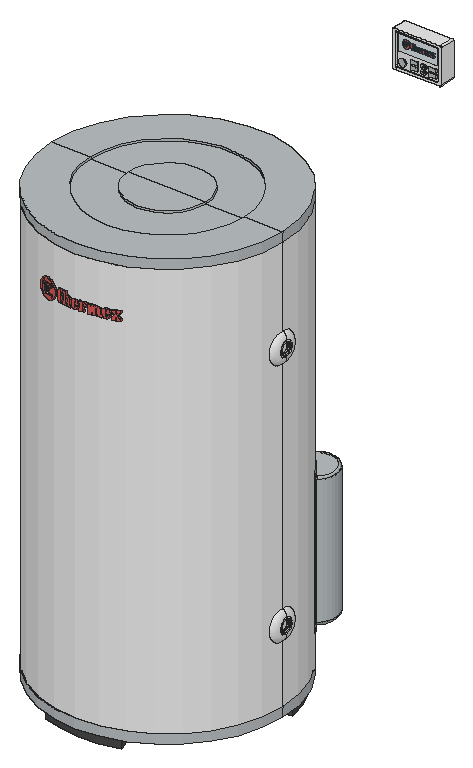
Revit family "THERMEX ROUND PLUS FLOOR IR", category Оборудование, Revit 2017
Family settings
  Размер круглого соединителя = Использовать диаметр
  Тип детали = Нормальный
  На основе рабочей плоскости = Нет
  Всегда вертикально = Да
  При загрузке вырезать с полостями = Нет
  Общий = Нет
  Точка расчета площади = Нет
Parameters (values of type "300")
  СмещПанелиУпрВбокОтОсиБойлера [instance] = 435.000 mm
  СмещПанелиУпрВглубьОтОсиБойлера [instance] = 350.000 mm
  РадТелаПлюсДва = РадТела + 2.000 mm  # 317.000 mm
  РадТелаМинус90то = РадТела - 90.000 mm  # 225.000 mm
  РадТелаМинусДесять = РадТела - 10.000 mm  # 305.000 mm
  РадТела = ДиамТела / 2  # 315.000 mm
  ПанельУпрСЛЕВА [instance] = not(ПанельУпрСПРАВА)  # no
  ПанельУпрСПРАВА [instance] = yes
  Отметка нижних патрубков = А + Ноги  # 252.000 mm
  Отметка верхних патрубков = Б + Ноги  # 932.000 mm
  СмещПанелиУпрОтПола [instance] = 1500.000 mm
  Описание = "Бак нагревателя выполнен из нержавеющей стали. Помимо патрубков подключения холодной и горячей воды, находящихся слева если смотреть спереди, справа бака есть еще два дюймовых патрубка служащих для подключения предохранительного клапана и для слива. Управления осуществляется с выносного настенного пульта с цветным дисплеем. Широкие возможности программирования различных режимов работы."  # constant formula
  Ноги = 25.000 mm
  Лого300 = ЛОГО_220мм_для_THERMEX_IR300 : ЛОГО_220мм_для_THERMEX_IR300
  Лого200 = ЛОГО_220мм_для_THERMEX_IR200 : ЛОГО_220мм_для_THERMEX_IR200
  Лого = if(ДиамТела = 630.000 mm, Лого300, Лого200)  # ЛОГО_220мм_для_THERMEX_IR300 : ЛОГО_220мм_для_THERMEX_IR300
  Комментарии к типоразмеру = "Модель разработана по заказу ТЕРМЕКС, автор Михаил Кузьмин НПО ИНКОМИС, правообладатель ТЕРМЕКС"  # constant formula
  Изготовитель = "ТЕРМЕКС"  # constant formula
  ДуТ3 = 25.000 mm
  ДуВ1 = 25.000 mm
  ДиамТела = 630.000 mm
  Высота без ног = 1190.000 mm
  Высота = Высота без ног + Ноги  # 1215.000 mm
  Б = 907.000 mm
  А = 227.000 mm
  ADSK_Примечание = ""
  ADSK_Позиция = "IR300"
  ADSK_Обозначение = "ГОСТ 28361-89 (МЭК 379-87)"  # constant formula
  ADSK_Наименование = "Водонагреватель аккумуляционный, электрический, V300л Thermex ROUND PLUS IR"
  ADSK_Масса_Текст = ""
  ADSK_Завод-изготовитель = "ТЕРМЕКС"  # constant formula
  ADSK_Единица измерения = "шт"  # constant formula
  ADSK_Версия семейства = "01.01"  # constant formula
  ADSK_Версия Revit = "2017"  # constant formula
Reference planes
  plane 1 "По центру (Вперед/Назад)": y = 0
  plane 2: z = 0
  plane 3 "По центру (Влево/Вправо)": x = 0
  plane 4: z = 25
  plane 5: z = 50
  plane 6: z = 252
  plane 7: z = 932
  plane 8: z = 1190
  plane 9: z = 1215
  plane 10: x = 315
  plane 11: x = -315
  plane 12: x = -295
  plane 13: x = -215
  plane 14: x = -316
  plane 15: x = -290
  plane 16: z = 1210
  plane 17: x = 325
  plane 18: x = 335
  plane 19: x = 305
  plane 20: x = -325
  plane 21: x = -335
  plane 22: x = -305
  plane 23: z = 950.5
  plane 24: z = 270.5
  plane 25 "0": through (0, 0, 1200) normal (0.7071, 0.7071, 0)
  plane 26: through (0, 0, 1200) normal (-0.7071, 0.7071, 0)
  plane 27: through (115.91, 198.995, 1200) normal (-0.7071, 0.7071, 0)
  plane 28: through (105.303, 209.601, 1200) normal (-0.7071, 0.7071, 0)
  plane 29: through (198.995, 115.91, 1200) normal (-0.7071, 0.7071, 0)
  plane 30: through (209.601, 105.303, 1200) normal (-0.7071, 0.7071, 0)
  plane 31: through (159.453, 286.024, 1200) normal (0.7071, 0.7071, 0)
  plane 32: through (193.557, 335.005, 1200) normal (0.7071, 0.7071, 0)
  plane 33: through (222.739, 222.739, 1200) normal (-0.7071, -0.7071, 0)
  plane 34: z = 530.25
  plane 35: z = 515.25
  plane 36: z = 153.636
  plane 37: z = 138.636
  plane 38: through (238.658, 332.349, 570.008) normal (-0.7071, 0.7071, 0)
  plane 39: z = 146.136
  plane 40: through (332.349, 238.658, 560.25) normal (-0.7071, 0.7071, 0)
  plane 41: z = 522.75
  plane 42: through (150.968, 277.539, 1200) normal (0.7071, 0.7071, 0)
  plane 43: through (0, 0, 1200) normal (-0.766, -0.6428, 0)
  plane 44: through (0, 0, 1200) normal (-0.1736, -0.9848, 0)
  plane 45: through (0, 0, 1200) normal (-0.766, 0.6428, 0)
  plane 46: through (0, 0, 1200) normal (-0.1736, 0.9848, 0)
  plane 47: through (0, 0, 1200) normal (0.9397, -0.342, 0)
  plane 48: through (0, 0, 1200) normal (0.9397, 0.342, 0)
Forms (mm)
  Extrusion 1, solid, material "Пластмасса, непрозрачная, белая"
    sketch origin (0, 0, 0) x (1, 0, 0) y (0, 1, 0)
      loop
        circle (0, 0) r 315
    from 50 to 1190
  Revolve 2, solid, material "Алюминий, анодированный серебристый"
    sketch origin (0, 0, 0) x (1, 0, 0) y (0, 0, 1)
      loop
        line (-315, 1190) -> (0, 1190) -> (0, 1215) -> (-105.333, 1215) -> (-105.333, 1210) -> (-210.667, 1210) -> (-210.667, 1215) -> (-316, 1215) -> (-316, 1190) -> (-315, 1190)
      axis (0, 1215) -> (0, 1190)
    angle from 0 to 360
  Revolve 3, solid, material "Алюминий, анодированный серебристый"
    sketch origin (0, 0, 0) x (1, 0, 0) y (0, 0, 1)
      loop
        line (0, 25) -> (0, 50) -> (-316, 50) -> (-316, 25) -> (0, 25)
      axis (0, 50) -> (0, 25)
    angle from 0 to 360
  Extrusion 4, solid, material "Цинк"
    sketch origin (0, 0, 0) x (0, 1, 0) y (0, 0, 1)
      loop
        circle (0, 932) r 18.5
      loop
        circle (0, 932) r 15.885
    from 315 to 325
  Revolve 5, solid, material "Пластмасса, непрозрачная, белая"
    sketch origin (0, 0, 0) x (1, 0, 0) y (0, 0, 1)
      loop
        line (305, 977) -> (305, 950.5) -> (325, 950.5) -> (325, 952)
        arc (325, 952) -> (319.385, 968.008) -> (305, 977) r 25.625
      axis (305, 932) -> (325, 932)
    angle from 0 to 360
  Extrusion 6, solid, material "Цинк"
    sketch origin (0, 0, -679) x (0, 1, 0) y (0, 0, 1)
      loop
        circle (0, 931) r 18.5
      loop
        circle (0, 931) r 15.885
    from 315 to 325
  Revolve 7, solid, material "Пластмасса, непрозрачная, белая"
    sketch origin (0, 0, -679) x (1, 0, 0) y (0, 0, 1)
      loop
        line (305, 976) -> (305, 949.5) -> (325, 949.5) -> (325, 951)
        arc (325, 951) -> (319.385, 967.008) -> (305, 976) r 25.625
      axis (305, 931) -> (325, 931)
    angle from 0 to 360
  Extrusion 8, solid, material "Цинк"
    sketch origin (0, 0, 0) x (0, 1, 0) y (0, 0, -1)
      loop
        circle (0, -932) r 18.5
      loop
        circle (0, -932) r 15.885
    from 315 to 325
  Revolve 9, solid, material "Алюминий, анодированный красный"
    sketch origin (0, 0, 0) x (-1, 0, 0) y (0, 0, 1)
      loop
        line (305, 977) -> (305, 950.5) -> (325, 950.5) -> (325, 952)
        arc (325, 952) -> (319.385, 968.008) -> (305, 977) r 25.625
      axis (305, 932) -> (325, 932)
    angle from 0 to 360
  Extrusion 10, solid, material "Цинк"
    sketch origin (0, 0, -679) x (0, 1, 0) y (0, 0, -1)
      loop
        circle (0, -931) r 18.5
      loop
        circle (0, -931) r 15.885
    from 315 to 325
  Revolve 11, solid, material "Алюминий, анодированный синий"
    sketch origin (0, 0, -679) x (-1, 0, 0) y (0, 0, 1)
      loop
        line (305, 976) -> (305, 949.5) -> (325, 949.5) -> (325, 951)
        arc (325, 951) -> (319.385, 967.008) -> (305, 976) r 25.625
      axis (305, 931) -> (325, 931)
    angle from 0 to 360
  Extrusion 12, solid, material "Алюминий, анодированный серебристый"
    sketch origin (0, 0, 0) x (1, 0, 0) y (0, 1, 0)
      loop
        arc (177.288, 260.373) -> (222.739, 222.739) -> (260.373, 177.288) r 315
        line (260.373, 177.288) -> (264.281, 181.196)
        arc (264.281, 181.196) -> (264.281, 264.281) -> (181.196, 264.281) r 58.75
        line (181.196, 264.281) -> (177.288, 260.373)
    from 153.636 to 515.25
  Extrusion 13, solid, material "Алюминий, анодированный серебристый"
    sketch origin (0, 0, 0) x (1, 0, 0) y (0, 1, 0)
      loop
        arc (164.399, 268.697) -> (222.739, 222.739) -> (268.697, 164.399) r 315
        line (268.697, 164.399) -> (270.151, 165.853)
        arc (270.151, 165.853) -> (224.153, 224.153) -> (165.853, 270.151) r 317
        line (165.853, 270.151) -> (164.399, 268.697)
    from 138.636 to 530.25
  Extrusion 14, void
    sketch origin (0, 0, 0) x (-0.707107, 0.707107, 0) y (0, 0, 1)
      loop
        line (-73.75, 530.25) -> (-73.75, 522.75)
        arc (-73.75, 522.75) -> (-71.553, 528.054) -> (-66.25, 530.25) r 7.5
        line (-66.25, 530.25) -> (-73.75, 530.25)
      loop
        arc (66.25, 530.25) -> (71.553, 528.054) -> (73.75, 522.75) r 7.5
        line (73.75, 522.75) -> (73.75, 530.25) -> (66.25, 530.25)
      loop
        arc (73.75, 146.136) -> (71.553, 140.833) -> (66.25, 138.636) r 7.5
        line (66.25, 138.636) -> (73.75, 138.636) -> (73.75, 146.136)
      loop
        arc (-66.25, 138.636) -> (-71.553, 140.833) -> (-73.75, 146.136) r 7.5
        line (-73.75, 146.136) -> (-73.75, 138.636) -> (-66.25, 138.636)
    from 303 to 315
  Sweep 15, void
    path in 3D
      loop
        line (260.373, 177.288, 515.25) -> (264.281, 181.196, 515.25)
        arc (264.281, 181.196, 515.25) -> (264.281, 264.281, 515.25) -> (181.196, 264.281, 515.25) r 58.75
        line (181.196, 264.281, 515.25) -> (177.288, 260.373, 515.25)
    profile origin (262.327, 179.242, 515.25) x (-0.707107, 0.707107, 0) y (0, 0, 1)
      loop
        line (0, 0) -> (0, -5)
        arc (0, -5) -> (1.464, -1.464) -> (5, 0) r 5
        line (5, 0) -> (0, 0)
  Sweep 16, void
    path in 3D
      loop
        line (177.288, 260.373, 153.636) -> (181.196, 264.281, 153.636)
        arc (181.196, 264.281, 153.636) -> (264.281, 264.281, 153.636) -> (264.281, 181.196, 153.636) r 58.75
        line (264.281, 181.196, 153.636) -> (260.373, 177.288, 153.636)
    profile origin (262.327, 179.242, 153.636) x (-0.707107, 0.707107, 0) y (0, 0, -1)
      loop
        line (0, 0) -> (0, -5)
        arc (0, -5) -> (1.464, -1.464) -> (5, 0) r 5
        line (5, 0) -> (0, 0)
  Extrusion 17, solid, material "Пластмасса, непрозрачная, черная"
    sketch origin (0, 0, 0) x (-0.707107, 0.707107, 0) y (0, 0, 1)
      loop
        circle (-66.25, 522.75) r 4
      loop
        circle (66.25, 522.75) r 4
      loop
        circle (-66.25, 146.136) r 4
      loop
        circle (66.25, 146.136) r 4
      loop
        circle (-66.25, 397.212) r 4
      loop
        circle (66.25, 397.212) r 4
      loop
        circle (-66.25, 271.674) r 4
      loop
        circle (66.25, 271.674) r 4
    from 303 to 311.481
  Extrusion 18, solid, material "Пластмасса, непрозрачная, черная"
    sketch origin (0, 0, 0) x (1, 0, 0) y (0, 1, 0)
      loop
        arc (-196.05, 233.644) -> (-264.138, 152.5) -> (-300.366, 52.963) r 305
        line (-300.366, 52.963) -> (-221.582, 39.071)
        arc (-221.582, 39.071) -> (-194.856, 112.5) -> (-144.627, 172.36) r 225
        line (-144.627, 172.36) -> (-196.05, 233.644)
      loop
        arc (300.366, 52.963) -> (264.138, 152.5) -> (196.05, 233.644) r 305
        line (196.05, 233.644) -> (144.627, 172.36)
        arc (144.627, 172.36) -> (194.856, 112.5) -> (221.582, 39.071) r 225
        line (221.582, 39.071) -> (300.366, 52.963)
      loop
        line (-76.955, -211.431) -> (-104.316, -286.606)
        arc (-104.316, -286.606) -> (0, -305) -> (104.316, -286.606) r 305
        line (104.316, -286.606) -> (76.955, -211.431)
        arc (76.955, -211.431) -> (0, -225) -> (-76.955, -211.431) r 225
    from 0 to 25
Cuts and joins
  Extrusion 14 cuts Extrusion 13
  Sweep 15, Sweep 16 cuts Extrusion 1
  Sweep 15, Sweep 16 cuts Extrusion 12
Lines and regions (mm)
  sketch lines
    curve 1: line (260.373, 177.288, 515.25) -> (264.281, 181.196, 515.25)
    curve 2: arc (181.196, 264.281, 515.25) -> (264.281, 264.281, 515.25) -> (264.281, 181.196, 515.25) r 58.75
    curve 3: line (181.196, 264.281, 515.25) -> (177.288, 260.373, 515.25)
    curve 4: line (264.281, 181.196, 153.636) -> (260.373, 177.288, 153.636)
    curve 5: arc (264.281, 181.196, 153.636) -> (264.281, 264.281, 153.636) -> (181.196, 264.281, 153.636) r 58.75
    curve 6: line (177.288, 260.373, 153.636) -> (181.196, 264.281, 153.636)
Dimensions and locks
  "Ноги": plane 4 to plane 2
  "Высота без ног": plane 9 to plane 4
  locked: plane 5 to plane 4 at 25
  locked: plane 9 to plane 8 at 25
  "А": plane 6 to plane 4
  "Б": plane 7 to plane 4
  equal spacing: plane 10, plane 3 "По центру (Влево/Вправо)", plane 11
  "ДиамТела": plane 10 to plane 11
  plane 12 to plane 11 = 20.000 mm
  locked: plane 13 to plane 12 at 80
  locked: plane 11 to plane 14 at 1
  plane 18 to plane 17 to plane 10 = 10.000 mm locked, 10.000 mm locked
  locked: plane 10 to plane 19 at 10
  equal spacing: Revolve 5, plane 7, Revolve 5
  locked: Revolve 5 to Revolve 5 at 90
  locked: plane 23 to plane 7 at 18.5
  equal spacing: Revolve 7, plane 6, Revolve 7
  locked: Revolve 7 to Revolve 7 at 90
  locked: plane 24 to plane 6 at 18.5
  equal spacing: Revolve 11, plane 6, Revolve 11
  locked: Revolve 11 to Revolve 11 at 90
  equal spacing: Revolve 9, plane 7, Revolve 9
  locked: Revolve 9 to Revolve 9 at 90
  equal spacing: plane 22, plane 11, plane 20, plane 21
  locked: plane 22 to plane 21 at 30
  equal spacing: plane 27, plane 26, plane 29
  locked: plane 28 to plane 27 at 15
  locked: plane 30 to plane 29 at 15
  "РадТела": plane 25 "0" to plane 33
  plane 31 to plane 33 = 0.000 mm
  plane 34 to plane 35 = 15.000 mm
  locked: plane 36 to plane 37 at 15
  equal spacing: plane 34, plane 41, plane 35
  equal spacing: plane 28, plane 38, plane 27
  equal spacing: plane 29, plane 40, plane 30
  equal spacing: plane 36, plane 39, plane 37
  locked: plane 42 to plane 33 at 12
  equal spacing: Extrusion 17 sketch curve, Extrusion 17 sketch curve, Extrusion 17 sketch curve, Extrusion 17 sketch curve  (x2)
  locked: plane 42 to Extrusion 17 at 8.481
  locked: plane 32 to plane 31 at 58.75
  locked: plane 27 to plane 26 at 58.75
  "СмещПанелиУпрОтПола": nested 2 to level
  "СмещПанелиУпрВбокОтОсиБойлера": nested 2 to plane 3 "По центру (Влево/Вправо)"
  equal spacing: plane 3 "По центру (Влево/Вправо)", Revolve 2 sketch curve, Revolve 2 sketch curve, plane 14
  locked: plane 9 to plane 16 at 5
  plane 9 to level = 1215.000 mm
  "СмещПанелиУпрВглубьОтОсиБойлера": nested 2 to plane 1 "По центру (Вперед/Назад)"
  "СмещПанелиУпрВбокОтОсиБойлера": plane 3 "По центру (Влево/Вправо)" to nested 7
  "СмещПанелиУпрВглубьОтОсиБойлера": nested 7 to plane 1 "По центру (Вперед/Назад)"
  "РадТела": radius of Extrusion 1 sketch curve
  radius of Extrusion 4 sketch curve = 15.885 mm
  radius of Extrusion 6 sketch curve = 15.885 mm
  radius of Extrusion 8 sketch curve = 15.885 mm
  radius of Extrusion 10 sketch curve = 15.885 mm
  "РадТела": radius of Extrusion 12 sketch curve
  "РадТела": radius of Extrusion 13 sketch curve
  "РадТелаПлюсДва": radius of Extrusion 13 sketch curve
  "РадТелаМинус90то": radius of Extrusion 18 sketch curve  (x3)
  "РадТелаМинусДесять": radius of Extrusion 18 sketch curve  (x3)
  angle plane 47 to plane 3 "По центру (Влево/Вправо)" = 20.00°
  angle plane 3 "По центру (Влево/Вправо)" to plane 48 = 20.00°
  aligned and locked: level to plane 2
  aligned and locked: plane 3 "По центру (Влево/Вправо)" to Extrusion 1 sketch curve
  aligned and locked: plane 1 "По центру (Вперед/Назад)" to Extrusion 1 sketch curve
  aligned and locked: plane 8 to Revolve 2 sketch curve  (x2)
  aligned and locked: plane 14 to Revolve 2 sketch curve
  aligned and locked: Revolve 2 sketch curve to plane 3 "По центру (Влево/Вправо)"  (x2)
  aligned and locked: plane 4 to Revolve 3 sketch curve
  aligned and locked: Revolve 3 sketch curve to plane 3 "По центру (Влево/Вправо)"  (x2)
  aligned and locked: Revolve 5 sketch curve to plane 7
  aligned and locked: plane 23 to Revolve 5 sketch curve
  aligned and locked: Revolve 7 sketch curve to plane 6
  aligned and locked: plane 24 to Revolve 7 sketch curve
  aligned and locked: plane 17 to Revolve 7 sketch curve
  aligned and locked: plane 17 to Revolve 5 sketch curve
  aligned and locked: plane 6 to Revolve 11 sketch curve
  aligned and locked: plane 24 to Revolve 11 sketch curve
  aligned and locked: plane 20 to Revolve 11 sketch curve
  aligned and locked: plane 22 to Revolve 11 sketch curve
  aligned and locked: plane 23 to Revolve 9 sketch curve
  aligned and locked: plane 7 to Revolve 9 sketch curve
  aligned and locked: plane 22 to Revolve 9 sketch curve
  aligned and locked: plane 20 to Revolve 9 sketch curve
  aligned and locked: plane 3 "По центру (Влево/Вправо)" to Extrusion 12 sketch curve
  aligned and locked: plane 1 "По центру (Вперед/Назад)" to Extrusion 12 sketch curve
  aligned and locked: Extrusion 12 sketch curve to plane 27
  aligned and locked: plane 29 to Extrusion 12 sketch curve
  aligned and locked: plane 31 to Extrusion 12 sketch curve  (x3)
  aligned and locked: plane 26 to Extrusion 12 sketch curve
  aligned and locked: Extrusion 13 to plane 37
  aligned and locked: Extrusion 12 to plane 36
  aligned and locked: plane 34 to Extrusion 13
  aligned and locked: plane 35 to Extrusion 12
  aligned and locked: plane 30 to Extrusion 14 sketch curve
  aligned and locked: Extrusion 14 sketch curve to plane 34  (x2)
  aligned and locked: Extrusion 14 sketch curve to plane 28  (x2)
  aligned and locked: plane 38 to Extrusion 14 sketch curve  (x2)
  aligned and locked: plane 41 to Extrusion 14 sketch curve  (x2)
  aligned and locked: Extrusion 14 sketch curve to plane 30
  aligned and locked: plane 37 to Extrusion 14 sketch curve  (x2)
  aligned and locked: plane 39 to Extrusion 14 sketch curve  (x2)
  aligned and locked: plane 40 to Extrusion 14 sketch curve
  aligned and locked: Extrusion 14 to plane 33
  aligned and locked: plane 42 to Extrusion 14
  aligned and locked: plane 40 to Extrusion 17 sketch curve  (x2)
  aligned and locked: plane 38 to Extrusion 17 sketch curve  (x2)
  aligned and locked: plane 41 to Extrusion 17 sketch curve  (x2)
  aligned and locked: plane 42 to Extrusion 17
  aligned and locked: plane 31 to plane 33
  aligned and locked: Revolve 2 sketch curve to plane 9  (x2)
  aligned and locked: plane 8 to cut or joined group of Extrusion 1, Sweep 15, Sweep 16
  aligned and locked: plane 7 to nested 3
  aligned and locked: nested 6 to plane 7
  aligned and locked: nested 5 to plane 6
  aligned and locked: plane 6 to nested 4
  aligned and locked: nested 6 to plane 1 "По центру (Вперед/Назад)"
  aligned and locked: nested 3 to plane 1 "По центру (Вперед/Назад)"
  aligned and locked: nested 4 to plane 1 "По центру (Вперед/Назад)"
  aligned and locked: nested 5 to plane 1 "По центру (Вперед/Назад)"
  aligned and locked: plane 16 to Revolve 2 sketch curve
  aligned and locked: Revolve 3 sketch curve to plane 5
  aligned and locked: plane 14 to Revolve 3 sketch curve
  aligned and locked: Extrusion 1 to plane 5
  aligned and locked: Revolve 3 to plane 4
  aligned and locked: plane 3 "По центру (Влево/Вправо)" to Extrusion 18 sketch curve  (x6)
  aligned and locked: plane 1 "По центру (Вперед/Назад)" to Extrusion 18 sketch curve  (x6)
  aligned and locked: plane 43 to Extrusion 18 sketch curve
  aligned and locked: plane 44 to Extrusion 18 sketch curve
  aligned and locked: Extrusion 18 sketch curve to plane 47
  aligned and locked: Extrusion 18 sketch curve to plane 48
  aligned and locked: plane 45 to Extrusion 18 sketch curve
  aligned and locked: plane 46 to Extrusion 18 sketch curve
  aligned and locked: Extrusion 18 to plane 2
  aligned and locked: plane 4 to Extrusion 18
  aligned and locked: Extrusion 8 to plane 20
  aligned and locked: Extrusion 10 to plane 20
  aligned and locked: Extrusion 6 to plane 17
  aligned and locked: Extrusion 4 to plane 17
  aligned and locked: plane 11 to Extrusion 8
  aligned and locked: plane 11 to Extrusion 10
  aligned and locked: Extrusion 4 to plane 10
  aligned and locked: Extrusion 6 to plane 10
Automatic sketch dimensions
  Sweep 16 sketch curve to profile plane = 0.000 mm
  profile plane to Sweep 16 sketch curve = 0.000 mm
  Sweep 16 sketch curve to profile plane = 5.000 mm
  Sweep 15 sketch curve to profile plane = 0.000 mm
  profile plane to Sweep 15 sketch curve = 0.000 mm
  Sweep 15 sketch curve to Sweep 15 sketch curve = 5.000 mm
  Extrusion 17 sketch curve to plane 40 = 0.000 mm  (x2)
  Extrusion 17 sketch curve to plane 38 = 0.000 mm  (x2)
  plane 39 to Extrusion 17 sketch curve = 0.000 mm  (x2)
  Revolve 2 sketch curve to plane 11 = 0.000 mm
  Revolve 2 sketch curve to plane 8 = 39.000 mm
  Revolve 2 sketch curve to Revolve 2 sketch curve = 40.000 mm
  Revolve 3 sketch curve to level = 95.000 mm
  Revolve 3 sketch curve to Revolve 3 sketch curve = 35.000 mm
  Extrusion 4 sketch curve to Extrusion 4 sketch curve = 0.000 mm  (x2)
  Extrusion 4 sketch curve to plane 1 "По центру (Вперед/Назад)" = 0.000 mm
  Extrusion 4 sketch curve to plane 7 = 0.000 mm
  Revolve 5 sketch curve to plane 19 = 0.000 mm
  Revolve 5 sketch curve to plane 23 = 1.500 mm
  Revolve 5 sketch curve to plane 19 = 5.625 mm
  Revolve 5 sketch curve to plane 19 = 15.000 mm
  Revolve 5 sketch curve to plane 18 = 20.000 mm
  Extrusion 6 sketch curve to Extrusion 6 sketch curve = 0.000 mm  (x2)
  Extrusion 6 sketch curve to plane 1 "По центру (Вперед/Назад)" = 0.000 mm
  Extrusion 6 sketch curve to plane 6 = 0.000 mm
  Revolve 7 sketch curve to plane 19 = 0.000 mm
  Revolve 7 sketch curve to plane 24 = 1.500 mm
  Revolve 7 sketch curve to plane 19 = 5.625 mm
  Revolve 7 sketch curve to plane 19 = 15.000 mm
  Revolve 7 sketch curve to plane 18 = 20.000 mm
  Extrusion 8 sketch curve to Extrusion 8 sketch curve = 0.000 mm  (x2)
  Extrusion 8 sketch curve to plane 1 "По центру (Вперед/Назад)" = 0.000 mm
  Extrusion 8 sketch curve to plane 7 = 0.000 mm
  Revolve 9 sketch curve to plane 15 = 0.000 mm
  plane 23 to Revolve 9 sketch curve = 1.500 mm
  plane 12 to Revolve 9 sketch curve = 4.375 mm
  plane 21 to Revolve 9 sketch curve = 20.000 mm
  Extrusion 10 sketch curve to Extrusion 10 sketch curve = 0.000 mm  (x2)
  Extrusion 10 sketch curve to plane 1 "По центру (Вперед/Назад)" = 0.000 mm
  Extrusion 10 sketch curve to plane 6 = 0.000 mm
  Revolve 11 sketch curve to plane 15 = 0.000 mm
  plane 24 to Revolve 11 sketch curve = 1.500 mm
  plane 12 to Revolve 11 sketch curve = 4.375 mm
  plane 21 to Revolve 11 sketch curve = 20.000 mm
  Extrusion 13 sketch curve to Extrusion 13 sketch curve = 0.000 mm  (x2)
  plane 1 "По центру (Вперед/Назад)" to Extrusion 13 sketch curve = 0.000 mm
  Extrusion 13 sketch curve to plane 3 "По центру (Влево/Вправо)" = 0.000 mm
  Extrusion 13 sketch curve to plane 28 = 0.000 mm  (x2)
  plane 30 to Extrusion 13 sketch curve = 0.000 mm  (x2)
  plane 43 to Extrusion 18 sketch curve = 0.000 mm
  radius of Extrusion 17 sketch curve = 4.000 mm  (x8)
  radius of Extrusion 4 sketch curve = 18.500 mm
  radius of Extrusion 6 sketch curve = 18.500 mm
  radius of Extrusion 8 sketch curve = 18.500 mm
  radius of Extrusion 10 sketch curve = 18.500 mm
Nested families
  nested 1: "ЛОГО_220мм_для_THERMEX_IR300" at (0.102, -315, 1068) x (1, 0.0003, 0) z (0.0003, -1, 0), type <- "Лого", type "ЛОГО_220мм_для_THERMEX_IR300"
  nested 2: "Панель управления THERMEX_IR200_300" at (435, 350, 1500), built-in parameter 1001364 <- "СмещПанелиУпрОтПола", visible <- "ПанельУпрСПРАВА", type "IR_200_300"
  nested 3: "IR_РезьбаСоСбегами_Внутр" at (-325, 0, 932) x (0, 1, 0) z (1, 0, 0), type "1" х 3 х 1"
  nested 4: "IR_РезьбаСоСбегами_Внутр" at (-325, 0, 252) x (0, 1, 0) z (1, 0, 0), type "1" х 3 х 1"
  nested 5: "IR_РезьбаСоСбегами_Внутр" at (325, 0, 252) x (0, 1, 0) z (-1, 0, 0), type "1" х 3 х 1"
  nested 6: "IR_РезьбаСоСбегами_Внутр" at (325, 0, 932) x (0, 1, 0) z (-1, 0, 0), type "1" х 3 х 1"
  nested 7: "Панель управления THERMEX_IR200_300" at (-435, 350, 1500), built-in parameter 1001364 <- "СмещПанелиУпрОтПола", visible <- "ПанельУпрСЛЕВА", type "IR_200_300"
Connectors
  piping at (-315, 0, 932), diameter 25, driven by "ДуТ3"
    settings: on Extrusion 8, index 3, connector inside diameter 609.6 mm, connector length 0.000 mm, flow factor 0, pipe flow 0.0 L/s, pressure drop 0.0 Pa, fitting loss kfactor 0, connector angle 0.00°, fixture units 0, engagement length 0.000 mm, angle of deflection 0.00°, flow configuration 0, flow direction 2, fitting loss method 0, system type 19, joint type 0, gender type 0, connector reference index -1, connector utility 0, adjustable connector no, is connector primary yes, connector description ""
  piping at (-315, 0, 252), diameter 25, driven by "ДуВ1"
    settings: on Extrusion 10, index 4, connector inside diameter 609.6 mm, connector length 0.000 mm, flow factor 0, pipe flow 0.0 L/s, pressure drop 0.0 Pa, fitting loss kfactor 0, connector angle 0.00°, fixture units 0, engagement length 0.000 mm, angle of deflection 0.00°, flow configuration 0, flow direction 1, fitting loss method 0, system type 20, joint type 0, gender type 0, connector reference index -1, connector utility 0, adjustable connector no, is connector primary no, connector description ""
Definition of nested family "ЛОГО_220мм_для_THERMEX_IR300"
  Parameters (values of type "ЛОГО_220мм_для_THERMEX_IR300")
    Default Elevation = 1219.200 mm
  Reference planes
    plane 1 "По центру (Вперед/Назад)": y = 0
    plane 2: z = 0
    plane 3 "По центру (Влево/Вправо)": x = 0
    plane 4: z = -315
    plane 5: z = 1
    plane 6: z = 2
    plane 7: z = -1
  Forms (mm)
    Extrusion 1, solid
      sketch origin (0, 0, 0) x (1, 0, 0) y (0, 1, 0)
        loop
          line (-1219.2, 1219.2) -> (-1219.2, -1219.2) -> (1219.2, -1219.2) -> (1219.2, 1219.2) -> (-1219.2, 1219.2)
      from 0 to -304.8
    Extrusion 2, solid
      sketch origin (3.047, -79.897, 0) x (1, 0, 0) y (0, 1, 0)
        loop
          line (106.94, 85.653) -> (106.94, 90.496) -> (97.914, 90.496) -> (97.914, 85.626)
          spline (97.914, 85.626) -> (98.096, 85.525) -> (98.236, 85.41) -> (98.334, 85.282) -> (98.392, 85.14) -> (98.408, 84.984) -> (98.383, 84.815) -> (98.317, 84.631) -> (98.21, 84.434) -> (98.062, 84.224) -> (97.872, 83.999) -> (97.642, 83.761) -> (97.37, 83.509)
          spline (97.37, 83.509) -> (97.091, 83.779) -> (96.857, 84.031) -> (96.666, 84.266) -> (96.518, 84.483) -> (96.415, 84.682) -> (96.354, 84.864) -> (96.338, 85.029) -> (96.365, 85.176) -> (96.435, 85.305) -> (96.55, 85.417) -> (96.707, 85.512) -> (96.909, 85.589)
          line (96.909, 85.589) -> (96.909, 90.496) -> (86.436, 90.496) -> (86.436, 85.653)
          arc (86.436, 85.653) -> (87.426, 85.219) -> (88.214, 84.48) r 3.186
          line (88.214, 84.48) -> (92.914, 78.257) -> (88.664, 72.767)
          arc (88.664, 72.767) -> (87.663, 71.777) -> (86.439, 71.082) r 5.346
          line (86.439, 71.082) -> (86.439, 65.978) -> (95.529, 65.978) -> (95.529, 71.249)
          spline (95.529, 71.249) -> (95.364, 71.357) -> (95.237, 71.476) -> (95.148, 71.608) -> (95.097, 71.75) -> (95.085, 71.905) -> (95.11, 72.071) -> (95.173, 72.249) -> (95.274, 72.438) -> (95.414, 72.639) -> (95.591, 72.852) -> (95.807, 73.076) -> (96.06, 73.312)
          spline (96.06, 73.312) -> (96.31, 73.093) -> (96.522, 72.881) -> (96.695, 72.676) -> (96.83, 72.479) -> (96.927, 72.29) -> (96.986, 72.108) -> (97.006, 71.934) -> (96.988, 71.767) -> (96.932, 71.608) -> (96.838, 71.456) -> (96.705, 71.311) -> (96.534, 71.175)
          line (96.534, 71.175) -> (96.534, 65.978) -> (107.45, 65.978) -> (107.45, 71.184)
          arc (107.45, 71.184) -> (106.177, 71.781) -> (105.149, 72.738) r 4.531
          line (105.149, 72.738) -> (100.818, 78.257) -> (104.072, 83.468)
          arc (104.072, 83.468) -> (105.306, 84.822) -> (106.94, 85.653) r 5.098
        loop
          line (73.381, 77.463) -> (84.464, 77.463) -> (84.464, 80.716)
          arc (84.464, 80.716) -> (74.589, 90.591) -> (64.714, 80.716) r 9.875
          line (64.714, 80.716) -> (64.714, 75.794)
          arc (64.714, 75.794) -> (74.544, 65.964) -> (84.373, 75.794) r 9.83
          line (84.373, 75.794) -> (77.195, 75.794)
          arc (77.195, 75.794) -> (77.071, 73.932) -> (76.551, 72.141) r 8.656
          arc (76.551, 72.141) -> (74.972, 71.255) -> (73.746, 72.587) r 1.459
          line (73.746, 72.587) -> (73.381, 77.463)
        loop
          line (73.285, 81.85) -> (76.81, 81.85) -> (76.27, 84.664)
          arc (76.27, 84.664) -> (74.986, 85.71) -> (73.733, 84.627) r 1.288
          line (73.733, 84.627) -> (73.285, 81.85)
        loop
          line (39.367, 90.469) -> (29.477, 90.469) -> (29.477, 85.599)
          arc (29.477, 85.599) -> (30.955, 85.178) -> (31.597, 83.783) r 1.838
          line (31.597, 83.783) -> (31.597, 72.938)
          arc (31.597, 72.938) -> (30.968, 71.554) -> (29.51, 71.117) r 1.838
          line (29.51, 71.117) -> (29.51, 65.978) -> (40.572, 65.978) -> (40.572, 71.221)
          arc (40.572, 71.221) -> (39.764, 71.796) -> (39.454, 72.738) r 1.589
          line (39.454, 72.738) -> (39.454, 83.632)
          arc (39.454, 83.632) -> (41.105, 85.283) -> (42.756, 83.632) r 1.651
          line (42.756, 83.632) -> (42.756, 72.738)
          arc (42.756, 72.738) -> (42.427, 71.77) -> (41.577, 71.203) r 1.589
          line (41.577, 71.203) -> (41.577, 65.978) -> (51.667, 65.978) -> (51.667, 71.221)
          arc (51.667, 71.221) -> (50.858, 71.796) -> (50.549, 72.738) r 1.589
          line (50.549, 72.738) -> (50.549, 83.632)
          arc (50.549, 83.632) -> (52.2, 85.283) -> (53.851, 83.632) r 1.651
          line (53.851, 83.632) -> (53.851, 72.738)
          arc (53.851, 72.738) -> (53.522, 71.77) -> (52.672, 71.203) r 1.589
          line (52.672, 71.203) -> (52.672, 65.978) -> (63.529, 65.978) -> (63.529, 71.184)
          arc (63.529, 71.184) -> (62.238, 71.719) -> (61.703, 73.011) r 1.826
          line (61.703, 73.011) -> (61.703, 86.616)
          arc (61.703, 86.616) -> (56.194, 90.542) -> (49.749, 88.484) r 7.556
          arc (49.749, 88.484) -> (44.558, 90.482) -> (39.367, 88.484) r 7.742
          line (39.367, 88.484) -> (39.367, 90.469)
        loop
          arc (8.652, 85.411) -> (10.093, 85.066) -> (10.732, 83.728) r 1.721
          line (10.732, 83.728) -> (10.732, 73.184)
          arc (10.732, 73.184) -> (10.12, 71.708) -> (8.644, 71.097) r 2.087
          line (8.644, 71.097) -> (8.644, 65.978) -> (20.626, 65.978) -> (20.626, 71.184)
          arc (20.626, 71.184) -> (19.248, 71.755) -> (18.677, 73.133) r 1.949
          line (18.677, 73.133) -> (18.677, 82.374)
          arc (18.677, 82.374) -> (19.195, 84.09) -> (20.576, 85.233) r 3.102
          spline (20.576, 85.233) -> (20.809, 82.424) -> (22.442, 81.068) -> (24.31, 80.692) -> (26.004, 81.153) -> (27.268, 82.303) -> (28.05, 83.903) -> (28.322, 85.706) -> (27.974, 87.514) -> (26.843, 89.166) -> (24.796, 90.43) -> (21.951, 90.559) -> (18.542, 88.573)
          line (18.542, 88.573) -> (18.542, 90.492) -> (8.652, 90.492) -> (8.652, 85.411)
        loop
          line (-27.753, 99.255) -> (-37.609, 99.255) -> (-37.609, 94.161)
          arc (-37.609, 94.161) -> (-36.226, 93.917) -> (-35.596, 92.661) r 1.565
          line (-35.596, 92.661) -> (-35.596, 72.738)
          arc (-35.596, 72.738) -> (-36.234, 71.454) -> (-37.642, 71.184) r 1.613
          line (-37.642, 71.184) -> (-37.642, 65.978) -> (-26.494, 65.978) -> (-26.494, 71.197)
          arc (-26.494, 71.197) -> (-27.293, 71.791) -> (-27.597, 72.738) r 1.628
          line (-27.597, 72.738) -> (-27.597, 83.587)
          arc (-27.597, 83.587) -> (-25.916, 85.267) -> (-24.236, 83.587) r 1.68
          line (-24.236, 83.587) -> (-24.236, 72.738)
          arc (-24.236, 72.738) -> (-24.59, 71.752) -> (-25.489, 71.216) r 1.551
          line (-25.489, 71.216) -> (-25.489, 65.978) -> (-14.409, 65.978) -> (-14.409, 71.184)
          arc (-14.409, 71.184) -> (-15.803, 71.463) -> (-16.431, 72.738) r 1.608
          line (-16.431, 72.738) -> (-16.431, 83.733)
          arc (-16.431, 83.733) -> (-20.366, 90.033) -> (-27.753, 89.261) r 7.011
          line (-27.753, 89.261) -> (-27.753, 99.255)
        loop
          spline (-41.811, 72.415) -> (-41.848, 71.904) -> (-41.957, 71.427) -> (-42.129, 71.018) -> (-42.353, 70.704) -> (-42.615, 70.507) -> (-42.895, 70.44) -> (-43.176, 70.507) -> (-43.438, 70.704) -> (-43.662, 71.018) -> (-43.834, 71.427) -> (-43.943, 71.904) -> (-43.98, 72.415)
          line (-43.98, 72.415) -> (-43.98, 85.961) -> (-40.97, 85.961) -> (-40.97, 91.446) -> (-43.99, 91.446) -> (-43.99, 99.265) -> (-49.605, 99.265) -> (-49.605, 93.954)
          arc (-49.605, 93.954) -> (-50.136, 92.547) -> (-51.463, 91.84) r 2.131
          line (-51.463, 91.84) -> (-54.503, 91.446) -> (-54.503, 85.94) -> (-52.289, 85.94) -> (-52.289, 72.415)
          arc (-52.289, 72.415) -> (-45.957, 66.082) -> (-39.624, 72.415) r 6.333
          line (-39.624, 72.415) -> (-41.811, 72.415)
        loop
          circle (-86.34, 82.412) r 26.182
        loop
          arc (-102.714, 70.78) -> (-101.473, 67.785) -> (-98.478, 66.544) r 4.236
          line (-98.478, 66.544) -> (-74.15, 66.544)
          arc (-74.15, 66.544) -> (-71.155, 67.785) -> (-69.914, 70.781) r 4.237
          line (-69.914, 70.781) -> (-69.914, 74.547) -> (-94.477, 74.547) -> (-94.477, 85.191) -> (-102.714, 85.191) -> (-102.714, 70.78)
        loop
          line (-91.237, 88.671) -> (-91.237, 77.845) -> (-81.428, 77.845) -> (-81.428, 88.671) -> (-69.891, 88.671) -> (-69.891, 94.117)
          arc (-69.891, 94.117) -> (-71.194, 97.262) -> (-74.339, 98.565) r 4.448
          line (-74.339, 98.565) -> (-98.287, 98.565)
          arc (-98.287, 98.565) -> (-101.46, 97.251) -> (-102.774, 94.078) r 4.487
          line (-102.774, 94.078) -> (-102.774, 88.671) -> (-91.237, 88.671)
        loop
          line (-74.339, 95.511) -> (-98.313, 95.511)
          arc (-98.313, 95.511) -> (-99.326, 95.091) -> (-99.745, 94.078) r 1.433
          line (-99.745, 94.078) -> (-99.745, 91.726) -> (-88.225, 91.726) -> (-88.225, 80.9) -> (-84.456, 80.9) -> (-84.456, 91.726) -> (-72.919, 91.726) -> (-72.919, 94.091)
          arc (-72.919, 94.091) -> (-73.335, 95.095) -> (-74.339, 95.511) r 1.42
        loop
          line (-3.213, 77.463) -> (6.692, 77.463) -> (6.692, 80.716)
          arc (6.692, 80.716) -> (-3.184, 90.591) -> (-13.059, 80.716) r 9.875
          line (-13.059, 80.716) -> (-13.059, 75.794)
          arc (-13.059, 75.794) -> (-3.229, 65.964) -> (6.601, 75.794) r 9.83
          line (6.601, 75.794) -> (0.601, 75.794)
          arc (0.601, 75.794) -> (0.477, 73.932) -> (-0.043, 72.141) r 8.656
          arc (-0.043, 72.141) -> (-1.622, 71.255) -> (-2.848, 72.587) r 1.459
          line (-2.848, 72.587) -> (-3.213, 77.463)
        loop
          line (-4.488, 81.85) -> (-0.963, 81.85) -> (-1.503, 84.667)
          arc (-1.503, 84.667) -> (-2.787, 85.712) -> (-4.039, 84.63) r 1.288
          line (-4.039, 84.63) -> (-4.488, 81.85)
      from -24.971 to 2.938
    Extrusion 3, void
      sketch origin (0, 0, 0) x (1, 0, 0) y (0, 0, 1)
        loop
          arc (-118.001, -20.906) -> (0.134, 2.031) -> (118.249, -21.006) r 315
          line (118.249, -21.006) -> (118.249, 7.706) -> (-118.001, 7.706) -> (-118.001, -20.906)
        loop
          line (-118.001, -24.144) -> (-118.001, -29.144) -> (118.249, -29.144) -> (118.249, -24.245)
          arc (118.249, -24.245) -> (0.134, -0.969) -> (-118.001, -24.144) r 312
      from -34.333 to 29.164
  Cuts and joins
    Extrusion 3 cuts Extrusion 2
  Dimensions and locks
    plane 6 to plane 5 = 1.000 mm
    Extrusion 1 to plane 4 = 315.000 mm
    aligned and locked: plane 2 to Extrusion 1
    aligned and locked: level to Extrusion 1
  Automatic sketch dimensions
    Extrusion 1 sketch curve to Extrusion 1 sketch curve = 2438.400 mm  (x2)
    Extrusion 2 sketch curve to Extrusion 2 sketch curve = 3.029 mm  (x3)
    Extrusion 2 sketch curve to Extrusion 2 sketch curve = 4.236 mm
    Extrusion 2 sketch curve to Extrusion 2 sketch curve = 1.433 mm
    Extrusion 2 sketch curve to Extrusion 2 sketch curve = 0.026 mm
    Extrusion 2 sketch curve to Extrusion 2 sketch curve = 4.001 mm
    plane 1 "По центру (Вперед/Назад)" to Extrusion 2 sketch curve = 2.053 mm
    Extrusion 2 sketch curve to Extrusion 2 sketch curve = 3.240 mm
    Extrusion 2 sketch curve to Extrusion 2 sketch curve = 3.012 mm  (x2)
    Extrusion 2 sketch curve to Extrusion 2 sketch curve = 1.884 mm
    Extrusion 2 sketch curve to Extrusion 2 sketch curve = 3.768 mm
    Extrusion 2 sketch curve to Extrusion 2 sketch curve = 7.089 mm
    Extrusion 2 sketch curve to Extrusion 2 sketch curve = 0.000 mm  (x10)
    Extrusion 2 sketch curve to Extrusion 2 sketch curve = 7.278 mm
    Extrusion 2 sketch curve to Extrusion 2 sketch curve = 1.420 mm
    Extrusion 2 sketch curve to Extrusion 2 sketch curve = 4.237 mm
    Extrusion 2 sketch curve to plane 3 "По центру (Влево/Вправо)" = 51.457 mm
    Extrusion 2 sketch curve to Extrusion 2 sketch curve = 2.214 mm
    Extrusion 2 sketch curve to plane 3 "По центру (Влево/Вправо)" = 48.690 mm
    Extrusion 2 sketch curve to Extrusion 2 sketch curve = 0.274 mm
    Extrusion 2 sketch curve to plane 3 "По центру (Влево/Вправо)" = 46.558 mm
    Extrusion 2 sketch curve to plane 3 "По центру (Влево/Вправо)" = 42.910 mm
    Extrusion 2 sketch curve to plane 3 "По центру (Влево/Вправо)" = 40.943 mm
    Extrusion 2 sketch curve to Extrusion 2 sketch curve = 1.977 mm
    Extrusion 2 sketch curve to Extrusion 2 sketch curve = 2.168 mm
    Extrusion 2 sketch curve to Extrusion 2 sketch curve = 3.020 mm
    Extrusion 2 sketch curve to Extrusion 2 sketch curve = 1.982 mm
    Extrusion 2 sketch curve to Extrusion 2 sketch curve = 3.361 mm
    Extrusion 2 sketch curve to Extrusion 2 sketch curve = 0.433 mm
    Extrusion 2 sketch curve to Extrusion 2 sketch curve = 0.447 mm
    Extrusion 2 sketch curve to Extrusion 2 sketch curve = 1.613 mm
    Extrusion 2 sketch curve to Extrusion 2 sketch curve = 7.843 mm
    Extrusion 2 sketch curve to Extrusion 2 sketch curve = 7.999 mm
    Extrusion 2 sketch curve to Extrusion 2 sketch curve = 1.102 mm
    Extrusion 2 sketch curve to Extrusion 2 sketch curve = 0.526 mm
    Extrusion 2 sketch curve to Extrusion 2 sketch curve = 1.680 mm
    Extrusion 2 sketch curve to Extrusion 2 sketch curve = 0.182 mm
    Extrusion 2 sketch curve to Extrusion 2 sketch curve = 1.005 mm  (x4)
    Extrusion 2 sketch curve to Extrusion 2 sketch curve = 0.794 mm
    Extrusion 2 sketch curve to Extrusion 2 sketch curve = 7.805 mm
    Extrusion 2 sketch curve to Extrusion 2 sketch curve = 1.608 mm
    Extrusion 2 sketch curve to Extrusion 2 sketch curve = 0.414 mm
    Extrusion 2 sketch curve to plane 1 "По центру (Вперед/Назад)" = 0.818 mm  (x2)
    Extrusion 2 sketch curve to Extrusion 2 sketch curve = 3.372 mm
    Extrusion 2 sketch curve to Extrusion 2 sketch curve = 5.011 mm
    Extrusion 2 sketch curve to plane 1 "По центру (Вперед/Назад)" = 1.953 mm  (x2)
    Extrusion 2 sketch curve to Extrusion 2 sketch curve = 3.560 mm
    Extrusion 2 sketch curve to Extrusion 2 sketch curve = 1.275 mm
    Extrusion 2 sketch curve to plane 1 "По центру (Вперед/Назад)" = 4.733 mm
    Extrusion 2 sketch curve to Extrusion 2 sketch curve = 0.449 mm
    plane 1 "По центру (Вперед/Назад)" to Extrusion 2 sketch curve = 7.310 mm  (x2)
    Extrusion 2 sketch curve to Extrusion 2 sketch curve = 0.365 mm  (x2)
    Extrusion 2 sketch curve to Extrusion 2 sketch curve = 0.016 mm
    Extrusion 2 sketch curve to Extrusion 2 sketch curve = 1.304 mm  (x2)
    Extrusion 2 sketch curve to Extrusion 2 sketch curve = 1.271 mm
    Extrusion 2 sketch curve to Extrusion 2 sketch curve = 1.455 mm  (x2)
    Extrusion 2 sketch curve to plane 1 "По центру (Вперед/Назад)" = 4.770 mm
    Extrusion 2 sketch curve to Extrusion 2 sketch curve = 3.830 mm
    Extrusion 2 sketch curve to Extrusion 2 sketch curve = 1.960 mm
    Extrusion 2 sketch curve to Extrusion 2 sketch curve = 0.360 mm
    Extrusion 2 sketch curve to Extrusion 2 sketch curve = 2.087 mm
    Extrusion 2 sketch curve to Extrusion 2 sketch curve = 1.899 mm
    Extrusion 2 sketch curve to Extrusion 2 sketch curve = 1.949 mm
    Extrusion 2 sketch curve to Extrusion 2 sketch curve = 3.102 mm
    Extrusion 2 sketch curve to Extrusion 2 sketch curve = 8.901 mm
    Extrusion 2 sketch curve to Extrusion 2 sketch curve = 8.884 mm
    Extrusion 2 sketch curve to Extrusion 2 sketch curve = 0.282 mm
    Extrusion 2 sketch curve to Extrusion 2 sketch curve = 0.249 mm
    Extrusion 2 sketch curve to Extrusion 2 sketch curve = 1.838 mm
    Extrusion 2 sketch curve to Extrusion 2 sketch curve = 9.890 mm  (x2)
    Extrusion 2 sketch curve to Extrusion 2 sketch curve = 0.087 mm
    Extrusion 2 sketch curve to Extrusion 2 sketch curve = 1.118 mm  (x2)
    Extrusion 2 sketch curve to Extrusion 2 sketch curve = 1.589 mm
    Extrusion 2 sketch curve to Extrusion 2 sketch curve = 1.651 mm  (x2)
    Extrusion 2 sketch curve to Extrusion 2 sketch curve = 0.125 mm  (x2)
    Extrusion 2 sketch curve to Extrusion 2 sketch curve = 1.802 mm
    Extrusion 2 sketch curve to Extrusion 2 sketch curve = 5.991 mm
    Extrusion 2 sketch curve to Extrusion 2 sketch curve = 0.470 mm
    Extrusion 2 sketch curve to Extrusion 2 sketch curve = 1.177 mm
    Extrusion 2 sketch curve to Extrusion 2 sketch curve = 7.853 mm
    Extrusion 2 sketch curve to Extrusion 2 sketch curve = 1.826 mm
    Extrusion 2 sketch curve to Extrusion 2 sketch curve = 1.184 mm
    Extrusion 2 sketch curve to Extrusion 2 sketch curve = 3.833 mm
    Extrusion 2 sketch curve to Extrusion 2 sketch curve = 4.739 mm
    plane 1 "По центру (Вперед/Назад)" to Extrusion 2 sketch curve = 2.434 mm
    Extrusion 2 sketch curve to Extrusion 2 sketch curve = 0.096 mm
    Extrusion 2 sketch curve to plane 1 "По центру (Вперед/Назад)" = 4.730 mm
    Extrusion 2 sketch curve to Extrusion 2 sketch curve = 0.448 mm
    Extrusion 2 sketch curve to Extrusion 2 sketch curve = 1.162 mm
    Extrusion 2 sketch curve to Extrusion 2 sketch curve = 1.272 mm
    Extrusion 2 sketch curve to plane 1 "По центру (Вперед/Назад)" = 4.767 mm
    Extrusion 2 sketch curve to Extrusion 2 sketch curve = 2.651 mm
    Extrusion 2 sketch curve to Extrusion 2 sketch curve = 0.063 mm
    Extrusion 2 sketch curve to Extrusion 2 sketch curve = 1.208 mm
    Extrusion 2 sketch curve to Extrusion 2 sketch curve = 0.764 mm
    Extrusion 2 sketch curve to Extrusion 2 sketch curve = 2.065 mm
    Extrusion 2 sketch curve to plane 1 "По центру (Вперед/Назад)" = 4.583 mm
    Extrusion 2 sketch curve to Extrusion 2 sketch curve = 1.778 mm
    plane 1 "По центру (Вперед/Назад)" to Extrusion 2 sketch curve = 7.130 mm
    Extrusion 2 sketch curve to Extrusion 2 sketch curve = 2.225 mm
    plane 1 "По центру (Вперед/Назад)" to Extrusion 2 sketch curve = 1.640 mm  (x2)
    Extrusion 2 sketch curve to Extrusion 2 sketch curve = 4.249 mm
    Extrusion 2 sketch curve to Extrusion 2 sketch curve = 6.865 mm
    plane 1 "По центру (Вперед/Назад)" to Extrusion 2 sketch curve = 6.585 mm
    Extrusion 2 sketch curve to Extrusion 2 sketch curve = 0.531 mm
    plane 1 "По центру (Вперед/Назад)" to Extrusion 2 sketch curve = 8.723 mm
    Extrusion 2 sketch curve to Extrusion 2 sketch curve = 10.472 mm
    Extrusion 2 sketch curve to plane 1 "По центру (Вперед/Назад)" = 3.612 mm
    Extrusion 2 sketch curve to Extrusion 2 sketch curve = 0.461 mm
    Extrusion 2 sketch curve to plane 1 "По центру (Вперед/Назад)" = 5.729 mm
    Extrusion 2 sketch curve to Extrusion 2 sketch curve = 1.006 mm
    Extrusion 2 sketch curve to Extrusion 2 sketch curve = 3.448 mm
    Extrusion 2 sketch curve to plane 1 "По центру (Вперед/Назад)" = 3.570 mm
    Extrusion 2 sketch curve to Extrusion 2 sketch curve = 3.254 mm
    plane 1 "По центру (Вперед/Назад)" to Extrusion 2 sketch curve = 7.159 mm
    Extrusion 2 sketch curve to Extrusion 2 sketch curve = 4.331 mm
    Extrusion 2 sketch curve to Extrusion 2 sketch curve = 2.868 mm
    Extrusion 2 sketch curve to Extrusion 2 sketch curve = 2.301 mm
    Extrusion 2 sketch curve to plane 1 "По центру (Вперед/Назад)" = 0.870 mm
    plane 1 "По центру (Вперед/Назад)" to Extrusion 2 sketch curve = 4.362 mm
    plane 1 "По центру (Вперед/Назад)" to Extrusion 2 sketch curve = 9.117 mm
    plane 1 "По центру (Вперед/Назад)" to Extrusion 2 sketch curve = 13.919 mm  (x2)
    Extrusion 2 sketch curve to Extrusion 2 sketch curve = 6.609 mm
    Extrusion 2 sketch curve to Extrusion 2 sketch curve = 5.104 mm
    Extrusion 2 sketch curve to Extrusion 2 sketch curve = 5.119 mm
    Extrusion 2 sketch curve to Extrusion 2 sketch curve = 5.139 mm
    Extrusion 2 sketch curve to Extrusion 2 sketch curve = 5.206 mm  (x4)
    Extrusion 2 sketch curve to Extrusion 2 sketch curve = 5.219 mm
    Extrusion 2 sketch curve to Extrusion 2 sketch curve = 5.225 mm  (x2)
    Extrusion 2 sketch curve to Extrusion 2 sketch curve = 0.019 mm
    Extrusion 2 sketch curve to Extrusion 2 sketch curve = 0.018 mm  (x2)
    Extrusion 2 sketch curve to Extrusion 2 sketch curve = 0.074 mm
    Extrusion 2 sketch curve to Extrusion 2 sketch curve = 1.231 mm
    Extrusion 2 sketch curve to Extrusion 2 sketch curve = 0.109 mm
    Extrusion 2 sketch curve to Extrusion 2 sketch curve = 3.298 mm
    plane 1 "По центру (Вперед/Назад)" to Extrusion 2 sketch curve = 4.462 mm  (x2)
    Extrusion 2 sketch curve to Extrusion 2 sketch curve = 1.669 mm
    Extrusion 2 sketch curve to Extrusion 2 sketch curve = 0.245 mm
    Extrusion 2 sketch curve to plane 1 "По центру (Вперед/Назад)" = 1.003 mm
    Extrusion 2 sketch curve to plane 1 "По центру (Вперед/Назад)" = 2.477 mm
    Extrusion 2 sketch curve to Extrusion 2 sketch curve = 1.512 mm
    Extrusion 2 sketch curve to plane 1 "По центру (Вперед/Назад)" = 2.842 mm
    Extrusion 2 sketch curve to plane 1 "По центру (Вперед/Назад)" = 3.180 mm
    Extrusion 2 sketch curve to plane 1 "По центру (Вперед/Назад)" = 3.690 mm
    Extrusion 2 sketch curve to plane 1 "По центру (Вперед/Назад)" = 3.735 mm
    Extrusion 2 sketch curve to Extrusion 2 sketch curve = 0.892 mm
    Extrusion 2 sketch curve to Extrusion 2 sketch curve = 0.146 mm
    Extrusion 2 sketch curve to plane 1 "По центру (Вперед/Назад)" = 3.885 mm
    Extrusion 2 sketch curve to plane 1 "По центру (Вперед/Назад)" = 5.294 mm
    Extrusion 2 sketch curve to Extrusion 2 sketch curve = 0.037 mm
    Extrusion 2 sketch curve to plane 1 "По центру (Вперед/Назад)" = 6.043 mm
    Extrusion 2 sketch curve to plane 1 "По центру (Вперед/Назад)" = 6.064 mm
    Extrusion 2 sketch curve to Extrusion 2 sketch curve = 5.900 mm
    Extrusion 2 sketch curve to Extrusion 2 sketch curve = 4.852 mm
    Extrusion 2 sketch curve to Extrusion 2 sketch curve = 3.340 mm
    Extrusion 2 sketch curve to plane 1 "По центру (Вперед/Назад)" = 8.773 mm
    Extrusion 2 sketch curve to Extrusion 2 sketch curve = 3.479 mm
    Extrusion 2 sketch curve to Extrusion 2 sketch curve = 4.870 mm  (x2)
    Extrusion 2 sketch curve to Extrusion 2 sketch curve = 1.920 mm
    Extrusion 2 sketch curve to Extrusion 2 sketch curve = 5.506 mm
    Extrusion 2 sketch curve to Extrusion 2 sketch curve = 5.485 mm
    Extrusion 2 sketch curve to Extrusion 2 sketch curve = 3.055 mm
    Extrusion 2 sketch curve to Extrusion 2 sketch curve = 1.215 mm
    Extrusion 2 sketch curve to Extrusion 2 sketch curve = 2.353 mm
    Extrusion 2 sketch curve to Extrusion 2 sketch curve = 5.094 mm
    Extrusion 2 sketch curve to Extrusion 2 sketch curve = 5.311 mm
    Extrusion 2 sketch curve to Extrusion 2 sketch curve = 15.387 mm
    Extrusion 2 sketch curve to Extrusion 2 sketch curve = 7.050 mm
    Extrusion 2 sketch curve to Extrusion 2 sketch curve = 2.044 mm
    Extrusion 2 sketch curve to Extrusion 2 sketch curve = 7.946 mm
    Extrusion 3 sketch curve to Extrusion 3 sketch curve = 0.000 mm  (x4)
    Extrusion 3 sketch curve to plane 3 "По центру (Влево/Вправо)" = 0.000 mm
    Extrusion 3 sketch curve to plane 7 = 28.144 mm
    Extrusion 3 sketch curve to plane 3 "По центру (Влево/Вправо)" = 118.001 mm
    Extrusion 3 sketch curve to plane 6 = 5.706 mm
    plane 3 "По центру (Влево/Вправо)" to Extrusion 3 sketch curve = 118.249 mm
    plane 4 to Extrusion 3 sketch curve = 2.031 mm
    Extrusion 3 sketch curve to Extrusion 3 sketch curve = 4.899 mm
    Extrusion 3 sketch curve to Extrusion 3 sketch curve = 3.239 mm
    radius of Extrusion 2 sketch curve = 26.182 mm
Definition of nested family "Панель управления THERMEX_IR200_300"
  Parameters (values of type "IR_200_300")
    ADSK_Версия семейства = ""
    ADSK_Версия Revit = ""
  Reference planes
    plane 1 "По центру (Вперед/Назад)": y = 0
    plane 2: z = 0
    plane 3 "По центру (Влево/Вправо)": x = 0
    plane 4: z = 50
    plane 5: y = -40
    plane 6: y = -36
    plane 7: x = -67.5
    plane 8: x = 67.5
    plane 9: z = 66.838
  Forms (mm)
    Extrusion 1, solid
      sketch origin (32.5, 0, -50.915) x (1, 0, 0) y (0, 0, 1)
        loop
          arc (-100, 55.915) -> (-98.536, 52.379) -> (-95, 50.915) r 5
          line (-95, 50.915) -> (30, 50.915)
          arc (30, 50.915) -> (33.536, 52.379) -> (35, 55.915) r 5
          line (35, 55.915) -> (35, 145.915)
          arc (35, 145.915) -> (33.536, 149.45) -> (30, 150.915) r 5
          line (30, 150.915) -> (-95, 150.915)
          arc (-95, 150.915) -> (-98.536, 149.45) -> (-100, 145.915) r 5
          line (-100, 145.915) -> (-100, 55.915)
      from 0 to 40
    Extrusion 2, void
      sketch origin (32.5, 0, -50.915) x (1, 0, 0) y (0, 0, 1)
        loop
          line (-91.295, 140.794) -> (-91.295, 60.915)
          arc (-91.295, 60.915) -> (-89.831, 57.379) -> (-86.295, 55.915) r 5
          line (-86.295, 55.915) -> (21.633, 55.915)
          arc (21.633, 55.915) -> (25.169, 57.379) -> (26.633, 60.915) r 5
          line (26.633, 60.915) -> (26.633, 140.794)
          arc (26.633, 140.794) -> (25.169, 144.33) -> (21.633, 145.794) r 5
          line (21.633, 145.794) -> (-86.295, 145.794)
          arc (-86.295, 145.794) -> (-89.831, 144.33) -> (-91.295, 140.794) r 5
      from 36 to 40
    Extrusion 3, solid
      sketch origin (32.5, 0, -52.118) x (1, 0, 0) y (0, 0, 1)
        loop
          line (-86.295, 136.998) -> (-86.295, 100.915)
          arc (-86.295, 100.915) -> (-84.831, 97.379) -> (-81.295, 95.915) r 5
          line (-81.295, 95.915) -> (16.633, 95.915)
          arc (16.633, 95.915) -> (20.169, 97.379) -> (21.633, 100.915) r 5
          line (21.633, 100.915) -> (21.633, 136.998)
          arc (21.633, 136.998) -> (20.169, 140.533) -> (16.633, 141.998) r 5
          line (16.633, 141.998) -> (-81.295, 141.998)
          arc (-81.295, 141.998) -> (-84.831, 140.533) -> (-86.295, 136.998) r 5
      from 36 to 38
    Extrusion 4, solid
      sketch origin (32.5, 0, -52.165) x (1, 0, 0) y (0, 0, 1)
        loop
          circle (-74.187, 72.428) r 9.368
        loop
          arc (-49.643, 87.463) -> (-50.195, 87.235) -> (-50.424, 86.683) r 0.781
          line (-50.424, 86.683) -> (-50.424, 78.876)
          arc (-50.424, 78.876) -> (-50.195, 78.324) -> (-49.643, 78.095) r 0.781
          line (-49.643, 78.095) -> (-33.054, 78.095)
          arc (-33.054, 78.095) -> (-32.502, 78.324) -> (-32.273, 78.876) r 0.781
          line (-32.273, 78.876) -> (-32.273, 86.683)
          arc (-32.273, 86.683) -> (-32.502, 87.235) -> (-33.054, 87.463) r 0.781
          line (-33.054, 87.463) -> (-49.643, 87.463)
        loop
          arc (-49.643, 73.674) -> (-50.195, 73.446) -> (-50.424, 72.894) r 0.781
          line (-50.424, 72.894) -> (-50.424, 65.087)
          arc (-50.424, 65.087) -> (-50.195, 64.535) -> (-49.643, 64.306) r 0.781
          line (-49.643, 64.306) -> (-33.054, 64.306)
          arc (-33.054, 64.306) -> (-32.502, 64.535) -> (-32.273, 65.087) r 0.781
          line (-32.273, 65.087) -> (-32.273, 72.894)
          arc (-32.273, 72.894) -> (-32.502, 73.446) -> (-33.054, 73.674) r 0.781
          line (-33.054, 73.674) -> (-49.643, 73.674)
        loop
          line (16.682, 87.463) -> (0.093, 87.463)
          arc (0.093, 87.463) -> (-0.459, 87.235) -> (-0.688, 86.683) r 0.781
          line (-0.688, 86.683) -> (-0.688, 78.876)
          arc (-0.688, 78.876) -> (-0.459, 78.324) -> (0.093, 78.095) r 0.781
          line (0.093, 78.095) -> (16.682, 78.095)
          arc (16.682, 78.095) -> (17.234, 78.324) -> (17.463, 78.876) r 0.781
          line (17.463, 78.876) -> (17.463, 86.683)
          arc (17.463, 86.683) -> (17.234, 87.235) -> (16.682, 87.463) r 0.781
        loop
          line (16.682, 73.674) -> (0.093, 73.674)
          arc (0.093, 73.674) -> (-0.459, 73.446) -> (-0.688, 72.894) r 0.781
          line (-0.688, 72.894) -> (-0.688, 65.087)
          arc (-0.688, 65.087) -> (-0.459, 64.535) -> (0.093, 64.306) r 0.781
          line (0.093, 64.306) -> (16.682, 64.306)
          arc (16.682, 64.306) -> (17.234, 64.535) -> (17.463, 65.087) r 0.781
          line (17.463, 65.087) -> (17.463, 72.894)
          arc (17.463, 72.894) -> (17.234, 73.446) -> (16.682, 73.674) r 0.781
        loop
          spline (-23.952, 82.904) -> (-23.686, 81.723) -> (-22.906, 80.624) -> (-21.666, 79.679) -> (-20.049, 78.955) -> (-18.166, 78.499) -> (-16.145, 78.344) -> (-14.125, 78.499) -> (-12.242, 78.955) -> (-10.625, 79.679) -> (-9.384, 80.624) -> (-8.605, 81.723) -> (-8.339, 82.904)
          spline (-8.339, 82.904) -> (-8.605, 84.084) -> (-9.384, 85.183) -> (-10.625, 86.128) -> (-12.242, 86.852) -> (-14.125, 87.308) -> (-16.145, 87.463) -> (-18.166, 87.308) -> (-20.049, 86.852) -> (-21.666, 86.128) -> (-22.906, 85.183) -> (-23.686, 84.084) -> (-23.952, 82.904)
        loop
          spline (-23.952, 68.866) -> (-23.686, 67.686) -> (-22.906, 66.586) -> (-21.666, 65.642) -> (-20.049, 64.917) -> (-18.166, 64.462) -> (-16.145, 64.306) -> (-14.125, 64.462) -> (-12.242, 64.917) -> (-10.625, 65.642) -> (-9.384, 66.586) -> (-8.605, 67.686) -> (-8.339, 68.866)
          spline (-8.339, 68.866) -> (-8.605, 70.046) -> (-9.384, 71.146) -> (-10.625, 72.09) -> (-12.242, 72.815) -> (-14.125, 73.27) -> (-16.145, 73.426) -> (-18.166, 73.27) -> (-20.049, 72.815) -> (-21.666, 72.09) -> (-22.906, 71.146) -> (-23.686, 70.046) -> (-23.952, 68.866)
      from 36 to 38
    Extrusion 5, solid
      sketch origin (32.5, 0, -52.165) x (1, 0, 0) y (0, 0, 1)
        loop
          line (-16.142, 85.836) -> (-19.029, 80.836) -> (-13.255, 80.836) -> (-16.142, 85.836)
        loop
          line (-16.142, 65.841) -> (-13.255, 70.841) -> (-19.029, 70.841) -> (-16.142, 65.841)
      from 36 to 38
    Extrusion 6, solid, not visible
      sketch origin (0, 0, 0) x (1, 0, 0) y (0, 0, 1)
        loop
          arc (-100, 1605) -> (-98.536, 1601.464) -> (-95, 1600) r 5
          line (-95, 1600) -> (30, 1600)
          arc (30, 1600) -> (33.536, 1601.464) -> (35, 1605) r 5
          line (35, 1605) -> (35, 1695)
          arc (35, 1695) -> (33.536, 1698.536) -> (30, 1700) r 5
          line (30, 1700) -> (-95, 1700)
          arc (-95, 1700) -> (-98.536, 1698.536) -> (-100, 1695) r 5
          line (-100, 1695) -> (-100, 1605)
      from 0 to 40
    Extrusion 7, void, not visible
      sketch origin (0, 0, 0) x (1, 0, 0) y (0, 0, 1)
        loop
          line (-91.295, 1689.88) -> (-91.295, 1610)
          arc (-91.295, 1610) -> (-89.831, 1606.464) -> (-86.295, 1605) r 5
          line (-86.295, 1605) -> (21.633, 1605)
          arc (21.633, 1605) -> (25.169, 1606.464) -> (26.633, 1610) r 5
          line (26.633, 1610) -> (26.633, 1689.88)
          arc (26.633, 1689.88) -> (25.169, 1693.415) -> (21.633, 1694.88) r 5
          line (21.633, 1694.88) -> (-86.295, 1694.88)
          arc (-86.295, 1694.88) -> (-89.831, 1693.415) -> (-91.295, 1689.88) r 5
      from 36 to 40
    Extrusion 8, solid, not visible
      sketch origin (0, 0, -1.203) x (1, 0, 0) y (0, 0, 1)
        loop
          line (-86.295, 1686.083) -> (-86.295, 1650)
          arc (-86.295, 1650) -> (-84.831, 1646.464) -> (-81.295, 1645) r 5
          line (-81.295, 1645) -> (16.633, 1645)
          arc (16.633, 1645) -> (20.169, 1646.464) -> (21.633, 1650) r 5
          line (21.633, 1650) -> (21.633, 1686.083)
          arc (21.633, 1686.083) -> (20.169, 1689.618) -> (16.633, 1691.083) r 5
          line (16.633, 1691.083) -> (-81.295, 1691.083)
          arc (-81.295, 1691.083) -> (-84.831, 1689.618) -> (-86.295, 1686.083) r 5
      from 36 to 38
    Extrusion 9, solid, not visible
      sketch origin (0, 0, -1.25) x (1, 0, 0) y (0, 0, 1)
        loop
          circle (-74.187, 1621.514) r 9.368
        loop
          arc (-49.643, 1636.548) -> (-50.195, 1636.32) -> (-50.424, 1635.768) r 0.781
          line (-50.424, 1635.768) -> (-50.424, 1627.961)
